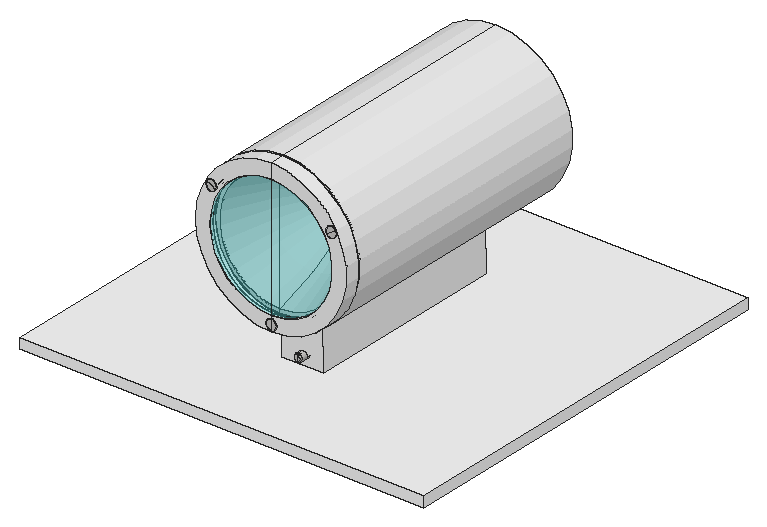
Revit family "BE_24035_de_DE", category Leuchten, Revit 2015
Parameters (values of type "BEGA_24035_Weiß_K4")
  built-in parameter 1150104 = 14.316 (stored number, unit not read)
  Wattage = 18.1 W
  Default Elevation = 0 mm
  built-in parameter 1150113 = 1 (stored number, unit not read)
  built-in parameter 1114218 = 1 (stored number, unit not read)
  Umgebungstemperatur = ""
  URL = "http://www.bega.de/produkt/24035"
  Typenkommentare = "© 2017 BEGA. Wir behalten uns das Recht vor, technische Änderungen ohne vorherige Ankündigung vorzunehmen."  # constant formula
  Type Image = 24035.png
  built-in parameter 1150134 = 12
  built-in parameter 1150109 = 1 (stored number, unit not read)
  Strom = ""
  built-in parameter 1150110 = 1 (stored number, unit not read)
  Spannung = 239.996 V
  Sonderanfertigung = no
  Seriennummer [instance] = "Hier können Sie die eindeutige Seriennummer für das Facility Management eintragen."
  Schutzklasse = "I"
  Schutzart = "IP 65"
  Scheinlast = 0 VA
  Produktdatenblatt = "http://www.bega.de/download/Xrfa/db/24035.db.de.pdf"
  Oberflächentemperatur = ""
  Neigungswinkel = 0.00°
  Modell = "24035WK4"
  Material_17 = BEGA_Reflektor
  Material_15 = BEGA_Leuchtmedium_matt
  Material_11 = BEGA_Glas_opal
  Material_09 = BEGA_Glas_klar
  Material_06 = BEGA_Oberfläche_Edelstahl_gebürstet
  Material_03 = BEGA_Oberfläche_Weiss_matt
  Material_02 = BEGA_Oberfläche_Silber_matt
  Material_01 [instance] = BEGA_Oberfläche_Grafit_matt
  M_W = yes
  M_G = no
  M_A = no
  Logo = 0
  built-in parameter 1114217 = 1 (stored number, unit not read)
  built-in parameter 1150139 = (empty or 0)
  built-in parameter 1150105 = 221.96 (stored number, unit not read)
  built-in parameter 1150114 = 1 (stored number, unit not read)
  Lumens = 2789.21 lm
  built-in parameter 1150115 = 1 (stored number, unit not read)
  Leuchtenlichtstrom = "1828 lm"
  Leuchtenanzahl = ""
  Lebensdauerkriterien = "L70B50 @ 25 °C =  h"
  Lastklassifizierung = Beleuchtung
  built-in parameter 1150112 = 1 (stored number, unit not read)
  Lampenlichtstrom = "2790 lm"
  Lampe = "LED 18.1 W"
  LED_Modulbezeichnung = "LED-0814/840 "
  Hersteller = "BEGA"  # constant formula
  Halbstreuwinkel = ""
  Gewicht = "3.3 kg"
  Gebrauchslageneinschränkung [instance] = ""
  Frequenz = "0/50-60 Hz"
  Farbwiedergabeindex = "Ra > 80"
  Farbtemperaturverschiebung bei Dämpfen der Lampe = <Keine Auswahl>
  Farbtemperatur = "4000 K"
  Color Filter = 16777215
  built-in parameter 1150133 = 10 (stored number, unit not read)
  Energieeffizienzklasse = "LED A++ - A"
  built-in parameter 1150137 = (empty or 0)
  built-in parameter 1150132 = (empty or 0)
  ENEC = ""
  Dimmbar [instance] = "DALI"
  Datei für fotometrisches Netz = "BE_24035K4_PRE.IES"
  CE_Konformität = "ja"
  Bestellnummer = "24035WK4"
  Beschreibung_Sonderanfertigung = "Hier können Sie Informationen zur Sonderanfertigung eintragen."
  Beschreibung = "Wandleuchte"
  built-in parameter 1150106 = 2.2196 (stored number, unit not read)
  Befestigungsbohrung = "Ø 5,3 mm"
  Befestigungsabstand = "160 x 14 mm"
  Ballwurfsicher = ""
  BEGA_Intern_aus = yes
  BEGA_Intern_an = yes
  BEGA_Intern_Konstruktion = yes
  BEGA_Intern = yes
  BEGA_IES = yes
  BEGA_Dummy = no
  Anschlussleitung = ""
  Anschlussleistung [instance] = "21 W"
  Anschlusskasten = ""
  built-in parameter 1150107 = 4000 (stored number, unit not read)
  built-in parameter 1150102 = (empty or 0)
  built-in parameter 1150138 = (empty or 0)
  Aktualisierung = "2017-06-27T04:08:34"
  Abstand_zur_angestrahlten_Fläche [instance] = ""
  AC/DC = "AC/DC"
Types (6, lengths in mm): name | built-in parameter 1150104 | Wattage | built-in parameter 1150134 | Modell | M_W | M_G | M_A | built-in parameter 1150105 | Lumens | Leuchtenlichtstrom | Lampenlichtstrom | LED_Modulbezeichnung | Farbtemperatur | Datei für fotometrisches Netz | Bestellnummer | built-in parameter 1150106 | built-in parameter 1150107
  BEGA_24035_Weiß_K4 | 14.316 (stored number, unit not read) | 18.1 W | 12 | "24035WK4" | yes | no | no | 221.96 (stored number, unit not read) | 2789.21 lm | "1828 lm" | "2790 lm" | "LED-0814/840 " | "4000 K" | "BE_24035K4_PRE.IES" | "24035WK4" | 2.2196 (stored number, unit not read) | 4000 (stored number, unit not read)
  BEGA_24035_Weiß_K3 | 13.397 (stored number, unit not read) | 18.1 W | (empty or 0) | "24035W" | yes | no | no | 207.7 (stored number, unit not read) | 2610.02 lm | "1710 lm" | "2610 lm" | "LED-0814/830 " | "3000 K" | "BE_24035_PRE.IES" | "24035W" | 2.077 (stored number, unit not read) | 3000 (stored number, unit not read)
  BEGA_24035_Grafit_K4 | 14.316 (stored number, unit not read) | 18.1 W | 12 | "24035K4" | no | yes | no | 221.96 (stored number, unit not read) | 2789.21 lm | "1828 lm" | "2790 lm" | "LED-0814/840 " | "4000 K" | "BE_24035K4_PRE.IES" | "24035K4" | 2.2196 (stored number, unit not read) | 4000 (stored number, unit not read)
  BEGA_24035_Silber_K4 | 14.316 (stored number, unit not read) | 18.1 W | 12 | "24035AK4" | no | no | yes | 221.96 (stored number, unit not read) | 2789.21 lm | "1828 lm" | "2790 lm" | "LED-0814/840 " | "4000 K" | "BE_24035K4_PRE.IES" | "24035AK4" | 2.2196 (stored number, unit not read) | 4000 (stored number, unit not read)
  BEGA_24035_Grafit_K3 | 13.397 (stored number, unit not read) | 18.1 W | (empty or 0) | "24035" | no | yes | no | 207.7 (stored number, unit not read) | 2610.02 lm | "1710 lm" | "2610 lm" | "LED-0814/830 " | "3000 K" | "BE_24035_PRE.IES" | "24035" | 2.077 (stored number, unit not read) | 3000 (stored number, unit not read)
  BEGA_24035_Silber_K3 | 13.387 (stored number, unit not read) | 18.2 W | (empty or 0) | "24035A" | no | no | yes | 208.7 (stored number, unit not read) | 2622.62 lm | "1710 lm" | "2610 lm" | "LED-0814/830 " | "3000 K" | "BE_24035_PRE.IES" | "24035A" | 2.087 (stored number, unit not read) | 3000 (stored number, unit not read)
Reference planes
  plane 1 "Mitte (Vorne/Hinten)": y = 0
  plane 2: z = 0
  plane 3 "Mitte (Links/Rechts)": x = 0
  plane 4 "Links": x = -75
  plane 5 "Rechts": x = 75
  plane 6 "Unten": y = -138.971
  plane 7 "Oben": y = 138.971
  plane 8 "Vorne": z = 198.5
  plane 9 "Hinten": z = 0
Forms (mm)
  Extrusion 1, solid, material "BEGA_Platte_Weiss"
    sketch origin (0, -1119.2, 0) x (1, 0, 0) y (0, 1, 0)
      loop
        line (-200, 1319.2) -> (-200, 919.2) -> (200, 919.2) -> (200, 1319.2) -> (-200, 1319.2)
    from 0 to -10
  Extrusion 2, solid, material "BEGA_Dummy_matt", visible <- "BEGA_Dummy"
    sketch origin (80.095, -76.023, 0) x (1, 0, 0) y (0, 1, 0)
      loop
        line (-155.095, 214.994) -> (-155.095, -62.948) -> (-5.095, -62.948) -> (-5.095, 214.994) -> (-155.095, 214.994)
    from 0 to 198.5
Dimensions and locks
  plane 1 "Mitte (Vorne/Hinten)" to Extrusion 1 = 200 mm
  aligned and locked: plane 2 to Extrusion 1
  aligned and locked: level to Extrusion 1
Nested families
  nested 1: "BE_24035" at (0, 0, 0) x (0, -1, 0) z (0, 0, 1), type "BE_24035"
Connectors
  electrical at (0, 0, 0), driven by "Lastklassifizierung", driven by "Spannung", driven by "Scheinlast"
    settings: index 1, voltage 239.996 V, apparent load 0 VA, apparent load phase1 0 VA, apparent load phase2 0 VA, apparent load phase3 0 VA, power factor 1, load classification "Beleuchtung", number of poles 1, system type 31, power factor state 1, is connector primary yes, connector utility no, sub classification motor no, connector description ""
Definition of nested family "BE_24035"
  Parameters (values of type "BE_24035")
    Default Elevation = 1 mm
    URL = "http://www.bega.de/de/produkt"
    Type Comments = "© 2015 BEGA. Wir behalten uns das Recht vor, technische Änderungen ohne vorherige Ankündigung vorzunehmen. "  # constant formula
    Type Image = (empty or 0)
    Material_17 = none
    Material_15 = none
    Material_11 = none
    Material_09 = none
    Material_06 = none
    Material_03 = none
    Material_02 = none
    Material_01 = none
    M_W = yes
    M_G = yes
    M_A = yes
    Länge_Platte = 400 mm  # constant formula
    Höhe_Platte = -10 mm  # constant formula
    Manufacturer = "BEGA"  # constant formula
    Breite_Platte = 200 mm  # constant formula
  Reference planes
    plane 1 "Mitte (Oben/Unten)": y = 0
    plane 2: z = 0
    plane 3 "Mitte (Links/Rechts)": x = 0
    plane 4 "Unten": y = -75
    plane 5: x = -138.971
    plane 6: z = 198.5
    plane 7: x = 138.971
    plane 8: z = 0
    plane 9: y = 75
  Forms (mm)
    Extrusion 1, solid, detail levels medium
      sketch origin (0, 0, 0) x (1, 0, 0) y (0, 1, 0)
        loop
          line (-200, 100) -> (-200, -100) -> (200, -100) -> (200, 100) -> (-200, 100)
      from 0 to -10 <- "Höhe_Platte"
    Extrusion 2, solid, material <- "Material_01", visible <- "M_G", detail levels medium+fine
      sketch origin (0, 0, 0) x (0, 1, 0) y (0, 0, 1)
        loop
          line (-20, 48.5) -> (-20.803, 2.5) -> (-16.072, 2.5) -> (-16.072, 49.351) -> (-17.846, 50.654) -> (-20, 48.5)
        loop
          line (20, 48.5) -> (17.846, 50.654) -> (16.072, 49.351) -> (16.072, 2.5) -> (20.803, 2.5) -> (20, 48.5)
      from -100.021 to 99.979
    Extrusion 3, solid, material <- "Material_01", visible <- "M_G", detail levels medium+fine
      sketch origin (0, 0, 0) x (0, 1, 0) y (0, 0, 1)
        loop
          line (-16.072, 49.351) -> (-17.846, 50.654) -> (-20, 48.5) -> (-20.803, 2.5) -> (20.803, 2.5) -> (20, 48.5) -> (17.846, 50.654) -> (13.469, 47.439)
          arc (13.469, 47.439) -> (-1.615, 43.552) -> (-16.072, 49.351) r 25
      from 96.138 to 99.979
    Extrusion 4, solid, material <- "Material_01", visible <- "M_G", detail levels medium+fine
      sketch origin (0, 0, 0) x (0, 1, 0) y (0, 0, -1)
        loop
          arc (-16.072, -49.351) -> (-1.615, -43.552) -> (13.469, -47.439) r 25
          line (13.469, -47.439) -> (17.846, -50.654) -> (20, -48.5) -> (20.803, -2.5) -> (-20.803, -2.5) -> (-20, -48.5) -> (-17.846, -50.654) -> (-16.072, -49.351)
      from 96.138 to 100.021
    Sweep 5, solid, material <- "Material_01", visible <- "M_G", detail levels medium+fine
      path origin (0, 0, 0) x (1, 0, 0) y (0, 1, 0)
        loop
          line (99.979, -20.803) -> (99.979, 20.803) -> (-100.021, 20.803) -> (-100.021, -20.803) -> (99.979, -20.803)
      profile origin (99.979, 0, 0) x (-1, 0, 0) y (0, 0, 1)
        loop
          line (7.192, 13.5) -> (7, 2.5) -> (5, 2.5) -> (5, 0) -> (10.71, 0) -> (10.71, 11.5) -> (17.119, 11.5) -> (17.119, 13.5) -> (7.192, 13.5)
    Extrusion 6, solid, material <- "Material_01", visible <- "M_G", detail levels medium+fine
      sketch origin (0, 0, 0) x (1, 0, 0) y (0, 1, 0)
        loop
          line (-82.902, 3.684) -> (-82.902, -3.684) -> (82.86, -3.684) -> (82.86, 3.684) -> (-82.902, 3.684)
      from 11.5 to 13.5
    Revolve 7, solid, material <- "Material_01", visible <- "M_G", detail levels medium+fine
      sketch origin (0, 0, 0) x (1, 0, 0) y (0, 0, 1)
        loop
          line (123.471, 198.5) -> (-138.971, 198.5) -> (-138.971, 123.5) -> (-136.971, 123.5) -> (-136.971, 194.5) -> (124.471, 194.5) -> (124.471, 183.122) -> (126.971, 183.122) -> (126.971, 196.25) -> (123.471, 196.25) -> (123.471, 198.5)
        axis (-138.971, 123.5) -> (126.971, 123.5)
      angle from 0 to 360
    Revolve 8, solid, material <- "Material_01", visible <- "M_G", detail levels medium+fine
      sketch origin (0, 0, 0) x (1, 0, 0) y (0, 0, 1)
        loop
          line (138.971, 198.256) -> (124.971, 198.5) -> (124.971, 196.8) -> (127.571, 196.755) -> (127.571, 188.505) -> (136.072, 188.505) -> (136.072, 184) -> (138.971, 184) -> (138.971, 198.256)
        axis (124.971, 123.5) -> (138.971, 123.5)
      angle from 0 to 360
    Revolve 9, solid, material <- "Material_09", detail levels medium+fine
      sketch origin (0, 0, 0) x (1, 0, 0) y (0, 0, 1)
        loop
          line (128.971, 186.5) -> (128.971, 123.5) -> (138.971, 123.5) -> (138.971, 183.75) -> (135.571, 183.75)
          arc (135.571, 183.75) -> (134.864, 184.043) -> (134.571, 184.75) r 1
          line (134.571, 184.75) -> (134.571, 186.5) -> (128.971, 186.5)
        axis (128.971, 123.5) -> (138.971, 123.5)
      angle from 0 to 360
    Revolve 10, solid, material <- "Material_17", detail levels medium+fine
      sketch origin (0, 0, 0) x (1, 0, 0) y (0, 0, 1)
        loop
          line (128.971, 182.264) -> (128.971, 186) -> (128.055, 186) -> (128.055, 182.691)
          arc (128.055, 182.691) -> (86.838, 167.677) -> (48.618, 146.15) r 268.405
          line (48.618, 146.15) -> (47.425, 132.516) -> (48.259, 132.516) -> (49.412, 145.689)
          arc (49.412, 145.689) -> (87.69, 167.243) -> (128.971, 182.264) r 268.405
        axis (47.425, 123.5) -> (128.971, 123.5)
      angle from 0 to 360
    Revolve 11, solid, material <- "Material_15", detail levels medium+fine
      sketch origin (0, 0, 0) x (1, 0, 0) y (0, 0, 1)
        loop
          line (46.621, 132.363) -> (45.727, 132.363) -> (45.727, 123.5) -> (46.621, 123.5) -> (46.621, 132.363)
        axis (45.727, 123.5) -> (46.727, 123.5)
      angle from 0 to 360
    Revolve 12, solid, material <- "Material_06", detail levels fine
      sketch origin (0, 0, 0) x (1, 0, 0) y (0, 0, 1)
        loop
          line (93.211, 15) -> (93.211, 11) -> (106.711, 11) -> (106.711, 14) -> (105.221, 14) -> (105.221, 15) -> (93.211, 15)
        axis (93.211, 11) -> (106.711, 11)
      angle from 0 to 360
    Sweep 13, solid, material <- "Material_02", visible <- "M_A", detail levels medium+fine
      path origin (0, 0, 0) x (1, 0, 0) y (0, 1, 0)
        loop
          line (99.979, -20.803) -> (99.979, 20.803) -> (-100.021, 20.803) -> (-100.021, -20.803) -> (99.979, -20.803)
      profile origin (99.979, 0, 0) x (-1, 0, 0) y (0, 0, 1)
        loop
          line (7.192, 13.5) -> (7, 2.5) -> (5, 2.5) -> (5, 0) -> (10.71, 0) -> (10.71, 11.5) -> (17.119, 11.5) -> (17.119, 13.5) -> (7.192, 13.5)
    Extrusion 14, solid, material <- "Material_02", visible <- "M_A", detail levels medium+fine
      sketch origin (0, 0, 0) x (1, 0, 0) y (0, 1, 0)
        loop
          line (-82.902, 3.684) -> (-82.902, -3.684) -> (82.86, -3.684) -> (82.86, 3.684) -> (-82.902, 3.684)
      from 11.5 to 13.5
    Sweep 15, solid, material <- "Material_03", visible <- "M_W", detail levels medium+fine
      path origin (0, 0, 0) x (1, 0, 0) y (0, 1, 0)
        loop
          line (99.979, -20.803) -> (99.979, 20.803) -> (-100.021, 20.803) -> (-100.021, -20.803) -> (99.979, -20.803)
      profile origin (99.979, 0, 0) x (-1, 0, 0) y (0, 0, 1)
        loop
          line (7.192, 13.5) -> (7, 2.5) -> (5, 2.5) -> (5, 0) -> (10.71, 0) -> (10.71, 11.5) -> (17.119, 11.5) -> (17.119, 13.5) -> (7.192, 13.5)
    Extrusion 16, solid, material <- "Material_03", visible <- "M_W", detail levels medium+fine
      sketch origin (0, 0, 0) x (1, 0, 0) y (0, 1, 0)
        loop
          line (-82.902, 3.684) -> (-82.902, -3.684) -> (82.86, -3.684) -> (82.86, 3.684) -> (-82.902, 3.684)
      from 11.5 to 13.5
    Extrusion 17, solid, material <- "Material_02", visible <- "M_A", detail levels medium+fine
      sketch origin (0, 0, 0) x (0, 1, 0) y (0, 0, 1)
        loop
          line (-20, 48.5) -> (-20.803, 2.5) -> (-16.072, 2.5) -> (-16.072, 49.351) -> (-17.846, 50.654) -> (-20, 48.5)
        loop
          line (20, 48.5) -> (17.846, 50.654) -> (16.072, 49.351) -> (16.072, 2.5) -> (20.803, 2.5) -> (20, 48.5)
      from -100.021 to 99.979
    Extrusion 18, solid, material <- "Material_02", visible <- "M_A", detail levels medium+fine
      sketch origin (0, 0, 0) x (0, 1, 0) y (0, 0, 1)
        loop
          line (-16.072, 49.351) -> (-17.846, 50.654) -> (-20, 48.5) -> (-20.803, 2.5) -> (20.803, 2.5) -> (20, 48.5) -> (17.846, 50.654) -> (13.469, 47.439)
          arc (13.469, 47.439) -> (-1.615, 43.552) -> (-16.072, 49.351) r 25
      from 96.138 to 99.979
    Extrusion 19, solid, material <- "Material_02", visible <- "M_A", detail levels medium+fine
      sketch origin (0, 0, 0) x (0, 1, 0) y (0, 0, -1)
        loop
          arc (-16.072, -49.351) -> (-1.615, -43.552) -> (13.469, -47.439) r 25
          line (13.469, -47.439) -> (17.846, -50.654) -> (20, -48.5) -> (20.803, -2.5) -> (-20.803, -2.5) -> (-20, -48.5) -> (-17.846, -50.654) -> (-16.072, -49.351)
      from 96.138 to 100.021
    Extrusion 20, solid, material <- "Material_03", visible <- "M_W", detail levels medium+fine
      sketch origin (0, 0, 0) x (0, 1, 0) y (0, 0, 1)
        loop
          line (-20, 48.5) -> (-20.803, 2.5) -> (-16.072, 2.5) -> (-16.072, 49.351) -> (-17.846, 50.654) -> (-20, 48.5)
        loop
          line (20, 48.5) -> (17.846, 50.654) -> (16.072, 49.351) -> (16.072, 2.5) -> (20.803, 2.5) -> (20, 48.5)
      from -100.021 to 99.979
    Extrusion 21, solid, material <- "Material_03", visible <- "M_W", detail levels medium+fine
      sketch origin (0, 0, 0) x (0, 1, 0) y (0, 0, 1)
        loop
          line (-16.072, 49.351) -> (-17.846, 50.654) -> (-20, 48.5) -> (-20.803, 2.5) -> (20.803, 2.5) -> (20, 48.5) -> (17.846, 50.654) -> (13.469, 47.439)
          arc (13.469, 47.439) -> (-1.615, 43.552) -> (-16.072, 49.351) r 25
      from 96.138 to 99.979
    Extrusion 22, solid, material <- "Material_03", visible <- "M_W", detail levels medium+fine
      sketch origin (0, 0, 0) x (0, 1, 0) y (0, 0, -1)
        loop
          arc (-16.072, -49.351) -> (-1.615, -43.552) -> (13.469, -47.439) r 25
          line (13.469, -47.439) -> (17.846, -50.654) -> (20, -48.5) -> (20.803, -2.5) -> (-20.803, -2.5) -> (-20, -48.5) -> (-17.846, -50.654) -> (-16.072, -49.351)
      from 96.138 to 100.021
    Revolve 23, solid, material <- "Material_02", visible <- "M_A", detail levels medium+fine
      sketch origin (0, 0, 0) x (1, 0, 0) y (0, 0, 1)
        loop
          line (123.471, 198.5) -> (-138.971, 198.5) -> (-138.971, 123.5) -> (-136.971, 123.5) -> (-136.971, 194.5) -> (124.471, 194.5) -> (124.471, 183.122) -> (126.971, 183.122) -> (126.971, 196.25) -> (123.471, 196.25) -> (123.471, 198.5)
        axis (-138.971, 123.5) -> (126.971, 123.5)
      angle from 0 to 360
    Revolve 24, solid, material <- "Material_02", visible <- "M_A", detail levels medium+fine
      sketch origin (0, 0, 0) x (1, 0, 0) y (0, 0, 1)
        loop
          line (138.971, 198.256) -> (124.971, 198.5) -> (124.971, 196.8) -> (127.571, 196.755) -> (127.571, 188.505) -> (136.072, 188.505) -> (136.072, 184) -> (138.971, 184) -> (138.971, 198.256)
        axis (124.971, 123.5) -> (138.971, 123.5)
      angle from 0 to 360
    Revolve 25, solid, material <- "Material_03", visible <- "M_W", detail levels medium+fine
      sketch origin (0, 0, 0) x (1, 0, 0) y (0, 0, 1)
        loop
          line (123.471, 198.5) -> (-138.971, 198.5) -> (-138.971, 123.5) -> (-136.971, 123.5) -> (-136.971, 194.5) -> (124.471, 194.5) -> (124.471, 183.122) -> (126.971, 183.122) -> (126.971, 196.25) -> (123.471, 196.25) -> (123.471, 198.5)
        axis (-138.971, 123.5) -> (126.971, 123.5)
      angle from 0 to 360
    Revolve 26, solid, material <- "Material_03", visible <- "M_W", detail levels medium+fine
      sketch origin (0, 0, 0) x (1, 0, 0) y (0, 0, 1)
        loop
          line (138.971, 198.256) -> (124.971, 198.5) -> (124.971, 196.8) -> (127.571, 196.755) -> (127.571, 188.505) -> (136.072, 188.505) -> (136.072, 184) -> (138.971, 184) -> (138.971, 198.256)
        axis (124.971, 123.5) -> (138.971, 123.5)
      angle from 0 to 360
    Revolve 27, void
      sketch origin (0, 106.954, 185.25) x (1, 0, 0) y (0, -0.866025, -0.5)
        loop
          line (136.495, 57.824) -> (136.495, 55) -> (139.189, 55) -> (139.189, 60.518) -> (136.495, 57.824)
        axis (136.495, 55) -> (139.189, 55)
      angle from 0 to 360
    Revolve 28, void
      sketch origin (0, 0, 0) x (1, 0, 0) y (0, 0, 1)
        loop
          line (136.495, 57.824) -> (136.495, 55) -> (139.189, 55) -> (139.189, 60.518) -> (136.495, 57.824)
        axis (136.495, 55) -> (139.189, 55)
      angle from 0 to 360
    Revolve 29, void
      sketch origin (0, -106.954, 185.25) x (1, 0, 0) y (0, 0.866025, -0.5)
        loop
          line (136.495, 57.824) -> (136.495, 55) -> (139.189, 55) -> (139.189, 60.518) -> (136.495, 57.824)
        axis (136.495, 55) -> (139.189, 55)
      angle from 0 to 360
    Revolve 30, solid, material <- "Material_06", detail levels fine
      sketch origin (0, 0, 0) x (1, 0, 0) y (0, 0, 1)
        loop
          line (138.971, 59.997) -> (138.132, 59.997) -> (138.132, 55) -> (138.971, 55) -> (138.971, 59.997)
        axis (138.132, 55) -> (139.132, 55)
      angle from 0 to 360
    Revolve 31, solid, material <- "Material_06", detail levels fine
      sketch origin (0, -106.954, 185.25) x (1, 0, 0) y (0, 0.866025, -0.5)
        loop
          line (138.971, 59.997) -> (138.132, 59.997) -> (138.132, 55) -> (138.971, 55) -> (138.971, 59.997)
        axis (138.132, 55) -> (139.132, 55)
      angle from 0 to 360
    Revolve 32, solid, material <- "Material_06", detail levels fine
      sketch origin (0, 106.954, 185.25) x (1, 0, 0) y (0, -0.866025, -0.5)
        loop
          line (138.971, 59.997) -> (138.132, 59.997) -> (138.132, 55) -> (138.971, 55) -> (138.971, 59.997)
        axis (138.132, 55) -> (139.132, 55)
      angle from 0 to 360
    Extrusion 33, void
      sketch origin (0, 0, 0) x (1, 0, 0) y (0, 1, 0)
        loop
          circle (79.979, -7) r 2.65
        loop
          circle (-80.021, 7) r 2.65
        loop
          circle (-57.021, 0) r 8.5
        loop
          circle (-24.021, 0) r 8.5
      from 0 to 19.5
  Cuts and joins
    joined: Extrusion 2, Extrusion 3, Extrusion 4
    Extrusion 33 cuts Sweep 5
    Extrusion 33 cuts Extrusion 6
    joined: Sweep 5, Extrusion 6
    Extrusion 33 cuts Sweep 13
    Extrusion 33 cuts Extrusion 14
    joined: Sweep 13, Extrusion 14
    Extrusion 33 cuts Sweep 15
    Extrusion 33 cuts Extrusion 16
    joined: Sweep 15, Extrusion 16
    joined: Extrusion 17, Extrusion 18, Extrusion 19
    joined: Extrusion 20, Extrusion 21, Extrusion 22
    Revolve 27, Revolve 28, Revolve 29 cuts Revolve 26
    Revolve 27, Revolve 28, Revolve 29 cuts Revolve 24
    Revolve 27, Revolve 28, Revolve 29 cuts Revolve 8
    Extrusion 33 cuts Revolve 7
    Extrusion 33 cuts Revolve 10
    Extrusion 33 cuts Revolve 23
    Extrusion 33 cuts Revolve 25
  Dimensions and locks
    equal spacing: Extrusion 1 sketch curve, plane 3 "Mitte (Links/Rechts)", Extrusion 1 sketch curve
    equal spacing: Extrusion 1 sketch curve, plane 1 "Mitte (Oben/Unten)", Extrusion 1 sketch curve
    "Länge_Platte": Extrusion 1 sketch curve to Extrusion 1 sketch curve
    "Breite_Platte": Extrusion 1 sketch curve to Extrusion 1 sketch curve
    aligned and locked: plane 2 to Extrusion 1
    aligned and locked: level to Extrusion 1
  Automatic sketch dimensions
    level to Extrusion 2 sketch curve = 2.5 mm  (x2)
    plane 1 "Mitte (Oben/Unten)" to Extrusion 2 sketch curve = 20.803 mm
    plane 1 "Mitte (Oben/Unten)" to Extrusion 2 sketch curve = 20 mm
    Extrusion 2 sketch curve to Extrusion 2 sketch curve = 2.154 mm  (x2)
    Extrusion 2 sketch curve to Extrusion 2 sketch curve = 4.731 mm  (x2)
    Extrusion 2 sketch curve to plane 1 "Mitte (Oben/Unten)" = 16.072 mm
    Extrusion 2 sketch curve to Extrusion 2 sketch curve = 1.773 mm
    Extrusion 2 sketch curve to Extrusion 2 sketch curve = 46 mm
    Extrusion 2 sketch curve to Extrusion 2 sketch curve = 0 mm
    Extrusion 2 sketch curve to Extrusion 2 sketch curve = 0.851 mm  (x2)
    Extrusion 2 sketch curve to Extrusion 2 sketch curve = 1.303 mm  (x2)
    level to Extrusion 3 sketch curve = 2.5 mm
    plane 1 "Mitte (Oben/Unten)" to Extrusion 3 sketch curve = 20.803 mm
    plane 1 "Mitte (Oben/Unten)" to Extrusion 3 sketch curve = 20 mm
    Extrusion 3 sketch curve to Extrusion 3 sketch curve = 2.154 mm  (x3)
    Extrusion 3 sketch curve to Extrusion 3 sketch curve = 1.774 mm
    Extrusion 3 sketch curve to plane 1 "Mitte (Oben/Unten)" = 0 mm
    Extrusion 3 sketch curve to plane 1 "Mitte (Oben/Unten)" = 13.469 mm
    Extrusion 3 sketch curve to Extrusion 3 sketch curve = 4.377 mm
    Extrusion 3 sketch curve to plane 1 "Mitte (Oben/Unten)" = 20.803 mm
    Extrusion 3 sketch curve to Extrusion 3 sketch curve = 44.939 mm
    Extrusion 3 sketch curve to Extrusion 3 sketch curve = 1.061 mm  (x2)
    Extrusion 3 sketch curve to Extrusion 3 sketch curve = 0.851 mm
    Extrusion 3 sketch curve to Extrusion 3 sketch curve = 1.303 mm
    level to Extrusion 4 sketch curve = 2.5 mm
    plane 1 "Mitte (Oben/Unten)" to Extrusion 4 sketch curve = 20.803 mm
    plane 1 "Mitte (Oben/Unten)" to Extrusion 4 sketch curve = 20 mm
    Extrusion 4 sketch curve to Extrusion 4 sketch curve = 2.154 mm  (x3)
    Extrusion 4 sketch curve to Extrusion 4 sketch curve = 1.774 mm
    Extrusion 4 sketch curve to plane 1 "Mitte (Oben/Unten)" = 0 mm
    Extrusion 4 sketch curve to plane 1 "Mitte (Oben/Unten)" = 13.469 mm
    Extrusion 4 sketch curve to Extrusion 4 sketch curve = 4.377 mm
    Extrusion 4 sketch curve to plane 1 "Mitte (Oben/Unten)" = 20.803 mm
    Extrusion 4 sketch curve to Extrusion 4 sketch curve = 44.939 mm
    Extrusion 4 sketch curve to Extrusion 4 sketch curve = 1.061 mm  (x2)
    Extrusion 4 sketch curve to Extrusion 4 sketch curve = 0.851 mm
    Extrusion 4 sketch curve to Extrusion 4 sketch curve = 1.303 mm
    Sweep 5 sketch curve to plane 1 "Mitte (Oben/Unten)" = 20.803 mm
    plane 3 "Mitte (Links/Rechts)" to Sweep 5 sketch curve = 99.979 mm
    plane 1 "Mitte (Oben/Unten)" to Sweep 5 sketch curve = 20.803 mm
    Sweep 5 sketch curve to level = 0 mm
    Sweep 5 sketch curve to profile plane = 5 mm
    level to Sweep 5 sketch curve = 2.5 mm
    Sweep 5 sketch curve to Sweep 5 sketch curve = 2 mm  (x2)
    Sweep 5 sketch curve to profile plane = 7.192 mm
    Sweep 5 sketch curve to Sweep 5 sketch curve = 3.518 mm
    Sweep 5 sketch curve to Sweep 5 sketch curve = 6.409 mm
    Sweep 5 sketch curve to Sweep 5 sketch curve = 9 mm
    Extrusion 6 sketch curve to plane 1 "Mitte (Oben/Unten)" = 3.684 mm
    Extrusion 6 sketch curve to plane 3 "Mitte (Links/Rechts)" = 82.902 mm
    plane 3 "Mitte (Links/Rechts)" to Extrusion 6 sketch curve = 82.86 mm
    plane 1 "Mitte (Oben/Unten)" to Extrusion 6 sketch curve = 3.684 mm
    Revolve 7 sketch curve to Revolve 7 sketch curve = 2 mm
    Revolve 7 sketch curve to Revolve 7 sketch curve = 1 mm
    Revolve 7 sketch curve to Revolve 7 sketch curve = 2.5 mm
    Revolve 7 sketch curve to Revolve 7 sketch curve = 1.75 mm
    Revolve 7 sketch curve to Revolve 7 sketch curve = 11.378 mm
    Revolve 7 sketch curve to Revolve 7 sketch curve = 71 mm
    Revolve 7 sketch curve to Revolve 7 sketch curve = 0 mm  (x2)
    Revolve 7 sketch curve to plane 3 "Mitte (Links/Rechts)" = 67.675 mm
    Revolve 8 sketch curve to Revolve 8 sketch curve = 2.6 mm
    Revolve 8 sketch curve to Revolve 8 sketch curve = 8.501 mm
    Revolve 8 sketch curve to Revolve 8 sketch curve = 2.899 mm
    Revolve 8 sketch curve to Revolve 8 sketch curve = 0.045 mm
    Revolve 8 sketch curve to Revolve 8 sketch curve = 8.249 mm
    Revolve 8 sketch curve to Revolve 8 sketch curve = 4.505 mm
    plane 3 "Mitte (Links/Rechts)" to Revolve 8 sketch curve = 57.571 mm
    Revolve 8 sketch curve to Revolve 8 sketch curve = 60.5 mm
    Revolve 9 sketch curve to Revolve 9 sketch curve = 5.6 mm
    Revolve 9 sketch curve to Revolve 9 sketch curve = 1 mm
    Revolve 9 sketch curve to Revolve 9 sketch curve = 10 mm
    Revolve 9 sketch curve to Revolve 9 sketch curve = 1.75 mm
    Revolve 9 sketch curve to Revolve 9 sketch curve = 23.822 mm
    Revolve 9 sketch curve to Revolve 9 sketch curve = 12.605 mm
    Revolve 9 sketch curve to Revolve 9 sketch curve = 0 mm
    plane 3 "Mitte (Links/Rechts)" to Revolve 10 sketch curve = 47.425 mm
    Revolve 10 sketch curve to Revolve 10 sketch curve = 0.835 mm
    Revolve 10 sketch curve to Revolve 10 sketch curve = 0.358 mm
    Revolve 10 sketch curve to Revolve 10 sketch curve = 0.794 mm
    Revolve 10 sketch curve to Revolve 10 sketch curve = 0.916 mm
    Revolve 10 sketch curve to Revolve 10 sketch curve = 0.427 mm
    Revolve 10 sketch curve to Revolve 10 sketch curve = 36.541 mm
    Revolve 10 sketch curve to Revolve 10 sketch curve = 0.462 mm
    Revolve 10 sketch curve to Revolve 10 sketch curve = 13.173 mm
    Revolve 10 sketch curve to Revolve 10 sketch curve = 3.309 mm
    Revolve 10 sketch curve to Revolve 10 sketch curve = 26.096 mm
    Revolve 10 sketch curve to Revolve 10 sketch curve = 10 mm
    Revolve 10 sketch curve to Revolve 10 sketch curve = 9.016 mm
    plane 3 "Mitte (Links/Rechts)" to Revolve 11 sketch curve = 45.727 mm
    Revolve 11 sketch curve to Revolve 11 sketch curve = 0.893 mm
    Revolve 11 sketch curve to Revolve 11 sketch curve = 8.863 mm
    Revolve 11 sketch curve to Revolve 11 sketch curve = 0 mm  (x2)
    Revolve 11 sketch curve to Revolve 11 sketch curve = 4.971 mm
    level to Revolve 12 sketch curve = 15 mm
    plane 3 "Mitte (Links/Rechts)" to Revolve 12 sketch curve = 93.211 mm
    Revolve 12 sketch curve to Revolve 12 sketch curve = 12.01 mm
    Revolve 12 sketch curve to Revolve 12 sketch curve = 1.49 mm
    Revolve 12 sketch curve to Revolve 12 sketch curve = 1 mm
    Revolve 12 sketch curve to Revolve 12 sketch curve = 3 mm
    Revolve 12 sketch curve to Revolve 12 sketch curve = 1.954 mm
    Revolve 12 sketch curve to Revolve 12 sketch curve = 0.575 mm
    Revolve 12 sketch curve to Revolve 12 sketch curve = 0 mm
    Sweep 13 sketch curve to plane 1 "Mitte (Oben/Unten)" = 20.803 mm
    plane 1 "Mitte (Oben/Unten)" to Sweep 13 sketch curve = 20.803 mm
    plane 3 "Mitte (Links/Rechts)" to Sweep 13 sketch curve = 99.979 mm
    Sweep 13 sketch curve to level = 0 mm
    Sweep 13 sketch curve to profile plane = 5 mm
    level to Sweep 13 sketch curve = 2.5 mm
    Sweep 13 sketch curve to Sweep 13 sketch curve = 2 mm  (x2)
    Sweep 13 sketch curve to profile plane = 7.192 mm
    Sweep 13 sketch curve to Sweep 13 sketch curve = 3.518 mm
    Sweep 13 sketch curve to Sweep 13 sketch curve = 6.409 mm
    Sweep 13 sketch curve to Sweep 13 sketch curve = 9 mm
    plane 1 "Mitte (Oben/Unten)" to Extrusion 14 sketch curve = 3.684 mm
    Extrusion 14 sketch curve to plane 3 "Mitte (Links/Rechts)" = 82.902 mm
    plane 3 "Mitte (Links/Rechts)" to Extrusion 14 sketch curve = 82.86 mm
    Extrusion 14 sketch curve to plane 1 "Mitte (Oben/Unten)" = 3.684 mm
    Sweep 15 sketch curve to plane 1 "Mitte (Oben/Unten)" = 20.803 mm
    plane 1 "Mitte (Oben/Unten)" to Sweep 15 sketch curve = 20.803 mm
    plane 3 "Mitte (Links/Rechts)" to Sweep 15 sketch curve = 99.979 mm
    Sweep 15 sketch curve to level = 0 mm
    Sweep 15 sketch curve to profile plane = 5 mm
    level to Sweep 15 sketch curve = 2.5 mm
    Sweep 15 sketch curve to Sweep 15 sketch curve = 2 mm  (x2)
    Sweep 15 sketch curve to profile plane = 7.192 mm
    Sweep 15 sketch curve to Sweep 15 sketch curve = 3.518 mm
    Sweep 15 sketch curve to Sweep 15 sketch curve = 6.409 mm
    Sweep 15 sketch curve to Sweep 15 sketch curve = 9 mm
    plane 1 "Mitte (Oben/Unten)" to Extrusion 16 sketch curve = 3.684 mm
    Extrusion 16 sketch curve to plane 3 "Mitte (Links/Rechts)" = 82.902 mm
    plane 3 "Mitte (Links/Rechts)" to Extrusion 16 sketch curve = 82.86 mm
    Extrusion 16 sketch curve to plane 1 "Mitte (Oben/Unten)" = 3.684 mm
    level to Extrusion 17 sketch curve = 2.5 mm  (x2)
    plane 1 "Mitte (Oben/Unten)" to Extrusion 17 sketch curve = 20.803 mm
    plane 1 "Mitte (Oben/Unten)" to Extrusion 17 sketch curve = 20 mm
    Extrusion 17 sketch curve to Extrusion 17 sketch curve = 2.154 mm  (x2)
    Extrusion 17 sketch curve to Extrusion 17 sketch curve = 4.731 mm  (x2)
    Extrusion 17 sketch curve to plane 1 "Mitte (Oben/Unten)" = 16.072 mm
    Extrusion 17 sketch curve to Extrusion 17 sketch curve = 1.773 mm
    Extrusion 17 sketch curve to Extrusion 17 sketch curve = 46 mm
    Extrusion 17 sketch curve to Extrusion 17 sketch curve = 0 mm
    Extrusion 17 sketch curve to Extrusion 17 sketch curve = 0.851 mm  (x2)
    Extrusion 17 sketch curve to Extrusion 17 sketch curve = 1.303 mm  (x2)
    level to Extrusion 18 sketch curve = 2.5 mm
    plane 1 "Mitte (Oben/Unten)" to Extrusion 18 sketch curve = 20.803 mm
    plane 1 "Mitte (Oben/Unten)" to Extrusion 18 sketch curve = 20 mm
    Extrusion 18 sketch curve to Extrusion 18 sketch curve = 2.154 mm  (x3)
    Extrusion 18 sketch curve to Extrusion 18 sketch curve = 1.774 mm
    Extrusion 18 sketch curve to plane 1 "Mitte (Oben/Unten)" = 0 mm
    Extrusion 18 sketch curve to plane 1 "Mitte (Oben/Unten)" = 13.469 mm
    Extrusion 18 sketch curve to Extrusion 18 sketch curve = 4.377 mm
    Extrusion 18 sketch curve to plane 1 "Mitte (Oben/Unten)" = 20.803 mm
    Extrusion 18 sketch curve to Extrusion 18 sketch curve = 44.939 mm
    Extrusion 18 sketch curve to Extrusion 18 sketch curve = 1.061 mm  (x2)
    Extrusion 18 sketch curve to Extrusion 18 sketch curve = 0.851 mm
    Extrusion 18 sketch curve to Extrusion 18 sketch curve = 1.303 mm
    level to Extrusion 19 sketch curve = 2.5 mm
    plane 1 "Mitte (Oben/Unten)" to Extrusion 19 sketch curve = 20.803 mm
    plane 1 "Mitte (Oben/Unten)" to Extrusion 19 sketch curve = 20 mm
    Extrusion 19 sketch curve to Extrusion 19 sketch curve = 2.154 mm  (x3)
    Extrusion 19 sketch curve to Extrusion 19 sketch curve = 1.774 mm
    Extrusion 19 sketch curve to plane 1 "Mitte (Oben/Unten)" = 0 mm
    Extrusion 19 sketch curve to plane 1 "Mitte (Oben/Unten)" = 13.469 mm
    Extrusion 19 sketch curve to Extrusion 19 sketch curve = 4.377 mm
    Extrusion 19 sketch curve to plane 1 "Mitte (Oben/Unten)" = 20.803 mm
    Extrusion 19 sketch curve to Extrusion 19 sketch curve = 44.939 mm
    Extrusion 19 sketch curve to Extrusion 19 sketch curve = 1.061 mm  (x2)
    Extrusion 19 sketch curve to Extrusion 19 sketch curve = 0.851 mm
    Extrusion 19 sketch curve to Extrusion 19 sketch curve = 1.303 mm
    level to Extrusion 20 sketch curve = 2.5 mm  (x2)
    plane 1 "Mitte (Oben/Unten)" to Extrusion 20 sketch curve = 20.803 mm
    plane 1 "Mitte (Oben/Unten)" to Extrusion 20 sketch curve = 20 mm
    Extrusion 20 sketch curve to Extrusion 20 sketch curve = 2.154 mm  (x2)
    Extrusion 20 sketch curve to Extrusion 20 sketch curve = 4.731 mm  (x2)
    Extrusion 20 sketch curve to plane 1 "Mitte (Oben/Unten)" = 16.072 mm
    Extrusion 20 sketch curve to Extrusion 20 sketch curve = 1.773 mm
    Extrusion 20 sketch curve to Extrusion 20 sketch curve = 46 mm
    Extrusion 20 sketch curve to Extrusion 20 sketch curve = 0 mm
    Extrusion 20 sketch curve to Extrusion 20 sketch curve = 0.851 mm  (x2)
    Extrusion 20 sketch curve to Extrusion 20 sketch curve = 1.303 mm  (x2)
    level to Extrusion 21 sketch curve = 2.5 mm
    plane 1 "Mitte (Oben/Unten)" to Extrusion 21 sketch curve = 20.803 mm
    plane 1 "Mitte (Oben/Unten)" to Extrusion 21 sketch curve = 20 mm
    Extrusion 21 sketch curve to Extrusion 21 sketch curve = 2.154 mm  (x3)
    Extrusion 21 sketch curve to Extrusion 21 sketch curve = 1.774 mm
    Extrusion 21 sketch curve to plane 1 "Mitte (Oben/Unten)" = 0 mm
    Extrusion 21 sketch curve to plane 1 "Mitte (Oben/Unten)" = 13.469 mm
    Extrusion 21 sketch curve to Extrusion 21 sketch curve = 4.377 mm
    Extrusion 21 sketch curve to plane 1 "Mitte (Oben/Unten)" = 20.803 mm
    Extrusion 21 sketch curve to Extrusion 21 sketch curve = 44.939 mm
    Extrusion 21 sketch curve to Extrusion 21 sketch curve = 1.061 mm  (x2)
    Extrusion 21 sketch curve to Extrusion 21 sketch curve = 0.851 mm
    Extrusion 21 sketch curve to Extrusion 21 sketch curve = 1.303 mm
    level to Extrusion 22 sketch curve = 2.5 mm
    plane 1 "Mitte (Oben/Unten)" to Extrusion 22 sketch curve = 20.803 mm
    plane 1 "Mitte (Oben/Unten)" to Extrusion 22 sketch curve = 20 mm
    Extrusion 22 sketch curve to Extrusion 22 sketch curve = 2.154 mm  (x3)
    Extrusion 22 sketch curve to Extrusion 22 sketch curve = 1.774 mm
    Extrusion 22 sketch curve to plane 1 "Mitte (Oben/Unten)" = 0 mm
    Extrusion 22 sketch curve to plane 1 "Mitte (Oben/Unten)" = 13.469 mm
    Extrusion 22 sketch curve to Extrusion 22 sketch curve = 4.377 mm
    Extrusion 22 sketch curve to plane 1 "Mitte (Oben/Unten)" = 20.803 mm
    Extrusion 22 sketch curve to Extrusion 22 sketch curve = 44.939 mm
    Extrusion 22 sketch curve to Extrusion 22 sketch curve = 1.061 mm  (x2)
    Extrusion 22 sketch curve to Extrusion 22 sketch curve = 0.851 mm
    Extrusion 22 sketch curve to Extrusion 22 sketch curve = 1.303 mm
    Revolve 23 sketch curve to Revolve 23 sketch curve = 2 mm
    Revolve 23 sketch curve to Revolve 23 sketch curve = 1 mm
    Revolve 23 sketch curve to Revolve 23 sketch curve = 2.5 mm
    Revolve 23 sketch curve to Revolve 23 sketch curve = 1.75 mm
    Revolve 23 sketch curve to Revolve 23 sketch curve = 11.378 mm
    Revolve 23 sketch curve to Revolve 23 sketch curve = 71 mm
    Revolve 23 sketch curve to Revolve 23 sketch curve = 0 mm  (x2)
    Revolve 23 sketch curve to plane 3 "Mitte (Links/Rechts)" = 67.675 mm
    Revolve 24 sketch curve to Revolve 24 sketch curve = 2.6 mm
    Revolve 24 sketch curve to Revolve 24 sketch curve = 8.501 mm
    Revolve 24 sketch curve to Revolve 24 sketch curve = 2.899 mm
    Revolve 24 sketch curve to Revolve 24 sketch curve = 0.045 mm
    Revolve 24 sketch curve to Revolve 24 sketch curve = 8.249 mm
    Revolve 24 sketch curve to Revolve 24 sketch curve = 4.505 mm
    plane 3 "Mitte (Links/Rechts)" to Revolve 24 sketch curve = 57.571 mm
    Revolve 24 sketch curve to Revolve 24 sketch curve = 60.5 mm
    Revolve 25 sketch curve to Revolve 25 sketch curve = 2 mm
    Revolve 25 sketch curve to Revolve 25 sketch curve = 1 mm
    Revolve 25 sketch curve to Revolve 25 sketch curve = 2.5 mm
    Revolve 25 sketch curve to Revolve 25 sketch curve = 1.75 mm
    Revolve 25 sketch curve to Revolve 25 sketch curve = 11.378 mm
    Revolve 25 sketch curve to Revolve 25 sketch curve = 71 mm
    Revolve 25 sketch curve to Revolve 25 sketch curve = 0 mm  (x2)
    Revolve 25 sketch curve to plane 3 "Mitte (Links/Rechts)" = 67.675 mm
    Revolve 26 sketch curve to Revolve 26 sketch curve = 2.6 mm
    Revolve 26 sketch curve to Revolve 26 sketch curve = 8.501 mm
    Revolve 26 sketch curve to Revolve 26 sketch curve = 2.899 mm
    Revolve 26 sketch curve to Revolve 26 sketch curve = 0.045 mm
    Revolve 26 sketch curve to Revolve 26 sketch curve = 8.249 mm
    Revolve 26 sketch curve to Revolve 26 sketch curve = 4.505 mm
    plane 3 "Mitte (Links/Rechts)" to Revolve 26 sketch curve = 57.571 mm
    Revolve 26 sketch curve to Revolve 26 sketch curve = 60.5 mm
    Revolve 27 sketch curve to Revolve 27 sketch curve = 2.695 mm  (x2)
    Revolve 27 sketch curve to Revolve 27 sketch curve = 2.824 mm
    Revolve 27 sketch curve to Revolve 27 sketch curve = 0.281 mm
    Revolve 27 sketch curve to Revolve 27 sketch curve = 1.098 mm
    Revolve 27 sketch curve to Revolve 27 sketch curve = 0 mm
    Revolve 28 sketch curve to Revolve 28 sketch curve = 2.695 mm  (x2)
    Revolve 28 sketch curve to Revolve 28 sketch curve = 2.824 mm
    Revolve 28 sketch curve to Revolve 28 sketch curve = 0.281 mm
    Revolve 28 sketch curve to Revolve 28 sketch curve = 1.098 mm
    Revolve 28 sketch curve to Revolve 28 sketch curve = 0 mm
    Revolve 29 sketch curve to Revolve 29 sketch curve = 2.695 mm  (x2)
    Revolve 29 sketch curve to Revolve 29 sketch curve = 2.824 mm
    Revolve 29 sketch curve to Revolve 29 sketch curve = 0.281 mm
    Revolve 29 sketch curve to Revolve 29 sketch curve = 1.098 mm
    Revolve 29 sketch curve to Revolve 29 sketch curve = 0 mm
    level to Revolve 28 sketch curve = 55 mm
    Revolve 30 sketch curve to Revolve 30 sketch curve = 0.839 mm
    Revolve 30 sketch curve to Revolve 30 sketch curve = 4.997 mm
    Revolve 30 sketch curve to Revolve 30 sketch curve = 0 mm  (x2)
    Revolve 30 sketch curve to Revolve 30 sketch curve = 0.338 mm
    Revolve 31 sketch curve to Revolve 31 sketch curve = 0.839 mm
    Revolve 31 sketch curve to Revolve 31 sketch curve = 4.997 mm
    Revolve 31 sketch curve to Revolve 31 sketch curve = 0 mm  (x2)
    Revolve 31 sketch curve to Revolve 31 sketch curve = 0.338 mm
    Revolve 32 sketch curve to Revolve 32 sketch curve = 0.839 mm
    Revolve 32 sketch curve to Revolve 32 sketch curve = 4.997 mm
    Revolve 32 sketch curve to Revolve 32 sketch curve = 0 mm  (x2)
    Revolve 32 sketch curve to Revolve 32 sketch curve = 0.338 mm
    level to Revolve 30 sketch curve = 55 mm
    plane 1 "Mitte (Oben/Unten)" to Extrusion 33 sketch curve = 0 mm  (x2)
    Extrusion 33 sketch curve to plane 1 "Mitte (Oben/Unten)" = 7 mm
    Extrusion 33 sketch curve to plane 3 "Mitte (Links/Rechts)" = 80.021 mm
    Extrusion 33 sketch curve to Extrusion 33 sketch curve = 23 mm
    Extrusion 33 sketch curve to plane 3 "Mitte (Links/Rechts)" = 24.021 mm
    plane 1 "Mitte (Oben/Unten)" to Extrusion 33 sketch curve = 7 mm
    plane 3 "Mitte (Links/Rechts)" to Extrusion 33 sketch curve = 79.979 mm
    Sweep 5 sketch curve to plane 3 "Mitte (Links/Rechts)" = 100.021 mm
    Revolve 7 sketch curve to Revolve 7 sketch curve = 69.295 mm
    Sweep 13 sketch curve to plane 3 "Mitte (Links/Rechts)" = 100.021 mm
    Sweep 15 sketch curve to plane 3 "Mitte (Links/Rechts)" = 100.021 mm
    Revolve 23 sketch curve to Revolve 23 sketch curve = 69.295 mm
    Revolve 25 sketch curve to Revolve 25 sketch curve = 69.295 mm
    plane 3 "Mitte (Links/Rechts)" to Revolve 7 sketch curve = 123.471 mm
    Revolve 8 sketch curve to Revolve 8 sketch curve = 67.4 mm
    Revolve 8 sketch curve to Revolve 8 sketch curve = 8.6 mm
    plane 3 "Mitte (Links/Rechts)" to Revolve 9 sketch curve = 128.971 mm
    Revolve 10 sketch curve to Revolve 10 sketch curve = 43.7 mm
    Revolve 10 sketch curve to Revolve 10 sketch curve = 0.797 mm
    plane 3 "Mitte (Links/Rechts)" to Revolve 23 sketch curve = 123.471 mm
    Revolve 24 sketch curve to Revolve 24 sketch curve = 67.4 mm
    Revolve 24 sketch curve to Revolve 24 sketch curve = 8.6 mm
    plane 3 "Mitte (Links/Rechts)" to Revolve 25 sketch curve = 123.471 mm
    Revolve 26 sketch curve to Revolve 26 sketch curve = 67.4 mm
    Revolve 26 sketch curve to Revolve 26 sketch curve = 8.6 mm
    plane 3 "Mitte (Links/Rechts)" to Revolve 27 sketch curve = 136.495 mm
    plane 3 "Mitte (Links/Rechts)" to Revolve 28 sketch curve = 136.495 mm
    plane 3 "Mitte (Links/Rechts)" to Revolve 29 sketch curve = 136.495 mm
    plane 3 "Mitte (Links/Rechts)" to Revolve 30 sketch curve = 138.132 mm
    plane 3 "Mitte (Links/Rechts)" to Revolve 31 sketch curve = 138.132 mm
    plane 3 "Mitte (Links/Rechts)" to Revolve 32 sketch curve = 138.132 mm
    level to Revolve 7 sketch curve = 123.5 mm
    Revolve 7 sketch curve to Revolve 7 sketch curve = 4 mm
    level to Revolve 8 sketch curve = 184 mm
    Revolve 8 sketch curve to Revolve 8 sketch curve = 9.75 mm
    Revolve 8 sketch curve to Revolve 8 sketch curve = 1.7 mm
    level to Revolve 9 sketch curve = 123.5 mm
    Revolve 9 sketch curve to Revolve 9 sketch curve = 60.25 mm
    plane 3 "Mitte (Links/Rechts)" to Revolve 10 sketch curve = 199.005 mm
    level to Revolve 11 sketch curve = 123.5 mm
    level to Revolve 23 sketch curve = 123.5 mm
    Revolve 23 sketch curve to Revolve 23 sketch curve = 4 mm
    level to Revolve 24 sketch curve = 184 mm
    Revolve 24 sketch curve to Revolve 24 sketch curve = 9.75 mm
    Revolve 24 sketch curve to Revolve 24 sketch curve = 1.7 mm
    level to Revolve 25 sketch curve = 123.5 mm
    Revolve 25 sketch curve to Revolve 25 sketch curve = 4 mm
    level to Revolve 26 sketch curve = 184 mm
    Revolve 26 sketch curve to Revolve 26 sketch curve = 9.75 mm
    Revolve 26 sketch curve to Revolve 26 sketch curve = 1.7 mm
    Revolve 10 sketch curve to level = 76.626 mm
    radius of Extrusion 33 sketch curve = 2.65 mm  (x2)
    radius of Extrusion 33 sketch curve = 8.5 mm  (x2)
